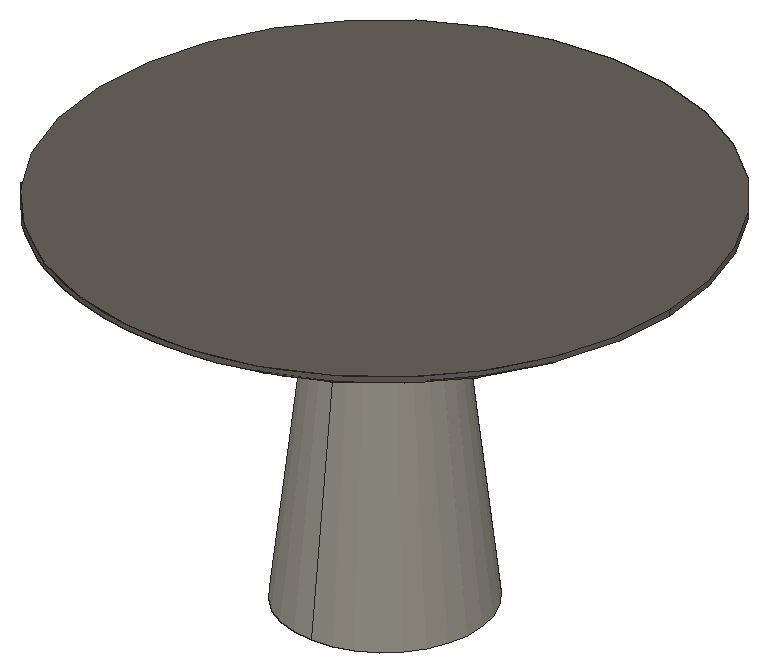
Revit family "Haworth_MesaDue_CollaborativeTable_Round", category Furniture, Revit 2018
Family settings
  OmniClass Number = 23.40.70.14.64.21
  OmniClass Title = Systems Furniture
  Work Plane-Based = No
  Always vertical = Yes
  Cut with Voids When Loaded = No
  Shared = No
  Room Calculation Point = No
Parameters (values of type "HCPF-MDC1 - Small")
  Warranty = "http://www.haworth.com/resources/product-info/warranties"
  URL - Product = "https://www.haworth.com/products/tables/collaborative/mesa-due"
  Top Finish [instance] = Haworth _ Wood _ Stained Ash _ Wenge
  Table Top Bottom = 109/128"  # constant formula
  Support Finish = Haworth _ Metal _ Stainless Steel
  Small = yes
  Outside Circle Radius = Actual Width / 2  # 23 5/8"
  Model = "HCPF-MDC"  # constant formula
  URL = "http://www.haworth.com/our-brands/haworth-collection"
  Support Height = 28 1/4"  # constant formula
  Size = "Verify Final Dim. w/ Haworth"  # constant formula
  Revision Number = "1"  # constant formula
  Manufacturer = "Haworth"  # constant formula
  Large = not(Small)  # no
  Inside Circle Radius = Outside Circle Radius - 1 3/8"  # 22 1/4"
  Hardware Finish = Haworth _ Paint _ Collection Black
  Description = "Haworth Mesa Due Collaborative Table Round - Small"
  Base Finish [instance] = Haworth _ Leather _ PF Saddle _ Talpa GA-TLP
  Author = "Haworth (Alias)"  # constant formula
  Assembly Code = "E2020200"
  Actual Width = if(Small, 47 1/4", 59")  # 47 1/4"
  Actual Height = 29 1/2"  # constant formula
  Table Top Top = 51/128"  # constant formula
  Actual Depth = if(Small, 47 1/4", 59")  # 47 1/4"
Types (2): name | Small | Outside Circle Radius | Large | Inside Circle Radius | Description | Actual Width | Actual Depth
  HCPF-MDC2 - Large | no | 29 1/2" | yes | 28 1/8" | "Haworth Mesa Due Collaborative Table Round - Large" | 59" | 59"
  HCPF-MDC1 - Small | yes | 23 5/8" | no | 22 1/4" | "Haworth Mesa Due Collaborative Table Round - Small" | 47 1/4" | 47 1/4"
Reference planes (in)
  plane 1 "Center F/B": y = -0.15866
  plane 2 "Floor": z = 0
  plane 3 "Center L/R": x = 0
  plane 4 "Table Top Top": z = 29.5
  plane 5 "Table Top Middle": z = 29.10156
  plane 6 "Table Top Bottom": z = 28.25
  plane 7 "Base": z = 21.73296
  plane 8 "Base Top": z = 28.25
  plane 9: z = 27.5
Forms (in)
  Extrusion 1, solid, material "Haworth _ Wood _ Stained Ash _ Wenge" <- "Top Finish"
    sketch origin (0, 0, 0) x (1, 0, 0) y (0, 1, 0)
      loop
        circle (0, -0.15866) r 23.625
    from 29.10156 to 29.5
  Blend 2, solid, material "Haworth _ Wood _ Stained Ash _ Wenge" <- "Top Finish"
    base sketch origin (0, 0, 28.25) x (-1, 0, 0) y (0, -1, 0)
      loop
        circle (0, 0.15866) r 23.625
    top sketch origin (0, 0, 29.10156) x (-1, 0, 0) y (0, -1, 0)
      loop
        circle (0, 0.15866) r 22.25
    from 0.85156 to -0.85156
  Revolve 3, solid, material "Haworth _ Metal _ Stainless Steel" <- "Support Finish"
    sketch origin (0, 0, 0) x (0, 1, 0) y (0, 0, 1)
      loop
        line (7.39352, 0) -> (4.82555, 21.73296) -> (-0.15866, 21.73296) -> (-0.15866, 0) -> (7.39352, 0)
      axis (-0.15866, 21.73296) -> (-0.15866, 0)
    angle from 0 to 360
  Revolve 4, solid, material "Haworth _ Paint _ Collection Black" <- "Hardware Finish"
    sketch origin (0, -0.15866, 0) x (1, 0, 0) y (0, 0, 1)
      loop
        line (4.13327, 21.73296) -> (4.13327, 22.27435) -> (4.08602, 22.31399) -> (2.75599, 22.31399) -> (2.75599, 27.5) -> (0, 27.5) -> (0, 21.73296) -> (4.13327, 21.73296)
      axis (0, 27.5) -> (0, 21.73296)
    angle from 0 to 360
  Extrusion 5, solid, material "Haworth _ Metal _ Stainless Steel" <- "Support Finish"
    sketch origin (0, 0, 29.10156) x (-1, 0, 0) y (0, -1, 0)
      loop
        line (5.31114, -5.21044) -> (10.67158, -8.8868)
        arc (10.67158, -8.8868) -> (12.46773, -8.45135) -> (12.22696, -6.61892) r 1.38294
        line (12.22696, -6.61892) -> (6.86652, -2.94256)
        arc (6.86652, -2.94256) -> (3.0595, 1.60697) -> (1.9942, 7.44279) r 11.62026
        line (1.9942, 7.44279) -> (2.4979, 13.93048)
        arc (2.4979, 13.93048) -> (1.06307, 15.4401) -> (-0.5818, 14.16257) r 1.55191
        line (-0.5818, 14.16257) -> (-1.28836, 5.0704)
        arc (-1.28836, 5.0704) -> (-3.42513, 0.67375) -> (-7.22002, -2.40766) r 11.29091
        line (-7.22002, -2.40766) -> (-13.16939, -4.56047)
        arc (-13.16939, -4.56047) -> (-13.69035, -6.33371) -> (-11.98304, -7.04141) r 1.38294
        line (-11.98304, -7.04141) -> (-6.27167, -4.31032)
        arc (-6.27167, -4.31032) -> (-0.35968, -3.20858) -> (5.31114, -5.21044) r 11.61773
    from -1.60156 to -0.85156
Cuts and joins
  joined: Extrusion 1, Blend 2
Lines and regions (in)
  Masking region 1
    outline origin (0, 0, 27) x (0, -1, 0) y (1, 0, 0)
      loop
        circle (0.15866, 0) r 23.625
  symbolic lines, style "Hidden Lines", detail levels fine
    curve 1: circle (0, -0.15866, 29.10156) r 8 normal (0, 0, 1)
Dimensions and locks (in)
  "Actual Height": plane 4 "Table Top Top" to level
  "Table Top Top": plane 4 "Table Top Top" to plane 5 "Table Top Middle"
  "Table Top Bottom": plane 5 "Table Top Middle" to plane 6 "Table Top Bottom"
  "Support Height": plane 8 "Base Top" to level
  locked: plane 6 "Table Top Bottom" to plane 9 at 0.75
  "Inside Circle Radius": radius of Blend 2 sketch curve
  "Outside Circle Radius": radius of Masking region 1 sketch curve
  "Outside Circle Radius": radius of Extrusion 1 sketch curve
  "Outside Circle Radius": radius of Blend 2 sketch curve
  aligned and locked: Extrusion 1 to plane 4 "Table Top Top"
  aligned and locked: Extrusion 1 to plane 5 "Table Top Middle"
  aligned: Blend 2 to plane 6 "Table Top Bottom"
  aligned and locked: Blend 2 to Extrusion 1
  aligned and locked: Blend 2 to plane 6 "Table Top Bottom"
  aligned and locked: plane 1 "Center F/B" to Masking region 1 sketch curve
  aligned and locked: plane 3 "Center L/R" to Masking region 1 sketch curve
  aligned and locked: plane 3 "Center L/R" to Extrusion 1 sketch curve
  aligned and locked: plane 1 "Center F/B" to Extrusion 1 sketch curve
  aligned and locked: plane 3 "Center L/R" to Blend 2 sketch curve
  aligned and locked: plane 1 "Center F/B" to Blend 2 sketch curve
  aligned and locked: plane 1 "Center F/B" to Revolve 3 sketch curve
  aligned and locked: Revolve 4 sketch curve to plane 3 "Center L/R"  (x2)
  aligned and locked: Extrusion 5 to plane 8 "Base Top"
  aligned and locked: plane 9 to Extrusion 5
  aligned and locked: Revolve 4 sketch curve to plane 9
  aligned and locked: Revolve 4 sketch curve to plane 7 "Base"
  aligned and locked: plane 2 "Floor" to Revolve 3 sketch curve
  aligned and locked: plane 7 "Base" to Revolve 3 sketch curve
Automatic sketch dimensions
  plane 1 "Center F/B" to Blend 2 sketch curve = 0"
  Blend 2 sketch curve to plane 3 "Center L/R" = 0"
  Revolve 3 sketch curve to plane 1 "Center F/B" = 0"
  Revolve 3 sketch curve to level = 5.26704"
  Revolve 3 sketch curve to Revolve 3 sketch curve = 2"
  Revolve 3 sketch curve to plane 1 "Center F/B" = 4.98421"
  Revolve 3 sketch curve to plane 1 "Center F/B" = 7.55218"
  plane 3 "Center L/R" to Revolve 4 sketch curve = 2.75599"
  Revolve 4 sketch curve to Revolve 4 sketch curve = 1.33003"
  Revolve 4 sketch curve to Revolve 4 sketch curve = 0.04725"
  Revolve 4 sketch curve to Revolve 4 sketch curve = 0.03964"
  Revolve 4 sketch curve to Revolve 4 sketch curve = 0.54139"
  Revolve 4 sketch curve to Revolve 4 sketch curve = 3.30873"
  Revolve 4 sketch curve to plane 6 "Table Top Bottom" = 0.73984"
  plane 3 "Center L/R" to Extrusion 5 sketch curve = 0.5818"
  plane 3 "Center L/R" to Extrusion 5 sketch curve = 1.28836"
  plane 3 "Center L/R" to Extrusion 5 sketch curve = 1.25979"
  Extrusion 5 sketch curve to plane 1 "Center F/B" = 2.56632"
  plane 3 "Center L/R" to Extrusion 5 sketch curve = 7.22002"
  Extrusion 5 sketch curve to Extrusion 5 sketch curve = 4.76301"
  plane 1 "Center F/B" to Extrusion 5 sketch curve = 7.53178"
  Extrusion 5 sketch curve to Extrusion 5 sketch curve = 10.98272"
  Extrusion 5 sketch curve to Extrusion 5 sketch curve = 0.45968"
  Extrusion 5 sketch curve to plane 1 "Center F/B" = 4.71913"
  Extrusion 5 sketch curve to Extrusion 5 sketch curve = 0.72667"
  Extrusion 5 sketch curve to plane 3 "Center L/R" = 0.94645"
  Extrusion 5 sketch curve to plane 3 "Center L/R" = 1.9942"
  Extrusion 5 sketch curve to Extrusion 5 sketch curve = 1.55145"
  Extrusion 5 sketch curve to plane 1 "Center F/B" = 3.10121"
  Extrusion 5 sketch curve to plane 3 "Center L/R" = 6.86652"
  Extrusion 5 sketch curve to Extrusion 5 sketch curve = 0.89972"
  plane 1 "Center F/B" to Extrusion 5 sketch curve = 6.38382"
  Extrusion 5 sketch curve to Extrusion 5 sketch curve = 6.71301"
  Extrusion 5 sketch curve to Extrusion 5 sketch curve = 1.17664"
  Extrusion 5 sketch curve to Extrusion 5 sketch curve = 7.74997"
  Extrusion 5 sketch curve to Extrusion 5 sketch curve = 8.82217"
  Extrusion 5 sketch curve to Extrusion 5 sketch curve = 0.03791"
  Extrusion 5 sketch curve to Extrusion 5 sketch curve = 0.94835"
  Extrusion 5 sketch curve to Extrusion 5 sketch curve = 2.26788"
  Extrusion 5 sketch curve to Extrusion 5 sketch curve = 3.67636"
  Extrusion 5 sketch curve to Extrusion 5 sketch curve = 1.55538"
  Extrusion 5 sketch curve to Extrusion 5 sketch curve = 5.36044"
  Extrusion 5 sketch curve to Extrusion 5 sketch curve = 0.65566"
  Extrusion 5 sketch curve to Extrusion 5 sketch curve = 1.21763"
  plane 1 "Center F/B" to curve 1 = 0"
  curve 1 to plane 3 "Center L/R" = 0"
  radius of curve 1 = 8"
